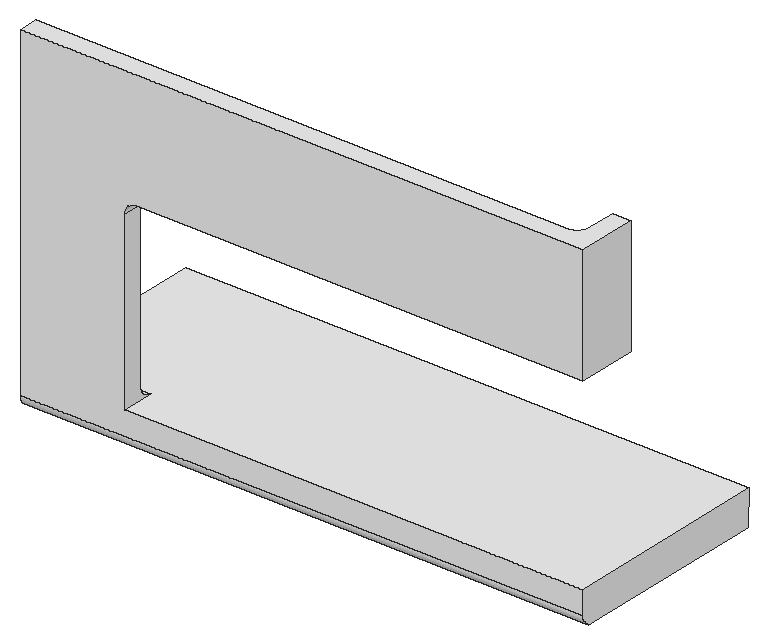
Revit family "Tissue_Holder-Delta-Vero-Toilet", category Furniture, host Face, Revit 2012
Parameters (values of type "Chrome")
  z Width = 6.000"  # constant formula
  z Type = 1
  z Offset = 0.000"  # constant formula
  z Height = 3.622"  # constant formula
  z Depth = 2.205"  # constant formula
  Width = z Width  # 6.000"
  URL = "http://www.deltafaucet.com/index.html"
  Product Page URL = "http://www.deltafaucet.com/bath/details/77750.html"
  Product Material = Chrome - Delta - Polished
  Product Documentation Link = "http://www.deltafaucet.com/media/SpecSheet/DSP-A-77750_Rev_C.pdf"
  Part Number [instance] = Model  # "77750"
  Part Description [instance] = Description  # "Vero Toilet Tissue Holder, Chrome"
  Model Disclaimer = "Contact Delta Faucet Company for More Information"  # constant formula
  Model = if(z Type = 1, "77750", if(z Type = 2, "77750-CZ", if(z Type = 3, "77750-RB", if(z Type = 4, "77750-SS", "Not Available"))))  # "77750"
  Manufacturer = "Delta Faucet Company"  # constant formula
  Height = z Depth  # 2.205"
  Family Version = "1.0"  # constant formula
  Equipment Number [instance] = ""
  Equipment Abbreviation = "TH"
  Description = if(z Type = 1, "Vero Toilet Tissue Holder, Chrome", if(z Type = 2, "Vero Toilet Tissue Holder, Champagne Bronze", if(z Type = 3, "Vero Toilet Tissue Holder, Venetian Bronze", if(z Type = 4, "Vero Toilet Tissue Holder, Stainless", "Not Available"))))  # "Vero Toilet Tissue Holder, Chrome"
  Depth = z Height  # 3.622"
  Default Elevation = 48.000"
  Date Modified = "July 17, 2015"  # constant formula
  Date Created = "July 17, 2015"  # constant formula
  Copyright = "Copyright ©2015 Delta Faucet Company"  # constant formula
Types (5): name | z Type | Product Page URL | Product Material | Part Number | Part Description | Model | Description
  (no name) | 1 | "http://www.deltafaucet.com/bath/details/77750.html" | Chrome - Delta - Polished | "77750" | "Vero Toilet Tissue Holder, Chrome" | "77750" | "Vero Toilet Tissue Holder, Chrome"
  Chrome | 1 | "http://www.deltafaucet.com/bath/details/77750.html" | Chrome - Delta - Polished | "77750" | "Vero Toilet Tissue Holder, Chrome" | "77750" | "Vero Toilet Tissue Holder, Chrome"
  Champagne Bronze | 2 | "http://www.deltafaucet.com/bath/details/77750-cz.html" | Bronze - Delta - Champagne | "77750-CZ" | "Vero Toilet Tissue Holder, Champagne Bronze" | "77750-CZ" | "Vero Toilet Tissue Holder, Champagne Bronze"
  Venetian Bronze | 3 | "http://www.deltafaucet.com/bath/details/77750-rb.html" | Bronze - Delta - Venetian | "77750-RB" | "Vero Toilet Tissue Holder, Venetian Bronze" | "77750-RB" | "Vero Toilet Tissue Holder, Venetian Bronze"
  Stainless | 4 | "http://www.deltafaucet.com/bath/details/77750-ss.html" | Stainless Steel - Delta - Polished | "77750-SS" | "Vero Toilet Tissue Holder, Stainless" | "77750-SS" | "Vero Toilet Tissue Holder, Stainless"
Reference planes (in)
  plane 1 "Center (Front/Back)": y = 0
  plane 2 "Center (Elevation)": z = 0
  plane 3 "Center (Left/Right)": x = 0
  plane 4: x = -3
  plane 5: x = 3
  plane 6: y = 1.1025
  plane 7: y = -1.1025
  plane 8: z = 0
  plane 9: z = 3.622
  plane 10: y = -0.9025
  plane 11: z = 0.37687
  plane 12: y = -0.46342
  plane 13: z = 2.372
  plane 14: y = -0.9775
  plane 15: z = 0.125
  plane 16: x = -1.88633
  plane 17: z = 2.247
  plane 18: x = -1.76133
  plane 19: x = 2.8059
  plane 20: x = 2.6809
  plane 21: y = -0.7775
Forms (in)
  Extrusion 1, solid, material "Chrome - Delta - Polished" <- "Product Material"
    sketch origin (0, 0, 0) x (0, 1, 0) y (0, 0, 1)
      loop
        arc (-1.1025, 0.125) -> (-1.06589, 0.03661) -> (-0.9775, 0) r 0.125
        line (-0.9775, 0) -> (1.1025, 0) -> (1.1025, 0.37687) -> (-0.7525, 0.37687)
        arc (-0.7525, 0.37687) -> (-0.85857, 0.4208) -> (-0.9025, 0.52687) r 0.15
        line (-0.9025, 0.52687) -> (-0.9025, 3.622) -> (-1.1025, 3.622) -> (-1.1025, 0.125)
    from -3 to 3
  Extrusion 2, void, detail levels medium
    sketch origin (0, 0, 0) x (1, 0, 0) y (0, 0, 1)
      loop
        arc (-1.76133, 2.372) -> (-1.84972, 2.33539) -> (-1.88633, 2.247) r 0.125
        line (-1.88633, 2.247) -> (-1.88633, 0.37687) -> (3, 0.37687) -> (3, 2.372) -> (-1.76133, 2.372)
    from -1.1025 to 1.1025
  Extrusion 3, solid, material "Chrome - Delta - Polished" <- "Product Material"
    sketch origin (0, 0, 0) x (1, 0, 0) y (0, 1, 0)
      loop
        line (3, -0.46342) -> (2.8059, -0.46342) -> (2.8059, -0.7775)
        arc (2.8059, -0.7775) -> (2.76928, -0.86589) -> (2.6809, -0.9025) r 0.125
        line (2.6809, -0.9025) -> (3, -0.9025) -> (3, -0.46342)
    from 2.372 to 3.622
Cuts and joins
  Extrusion 2 cuts Extrusion 1
  joined: Extrusion 1, Extrusion 3
Lines and regions (in)
  Masking region 1, detail levels coarse+medium
    outline origin (0, 0, 0) x (1, 0, 0) y (0, 0, 1)
      loop
        line (-3, 3.622) -> (-3, 0) -> (3, 0) -> (3, 3.622) -> (-3, 3.622)
  Masking region 2, detail levels fine
    outline origin (0, 0, 0) x (1, 0, 0) y (0, 0, 1)
      loop
        line (-3, 3.622) -> (-3, 0) -> (3, 0) -> (3, 0.37687) -> (-1.88633, 0.37687) -> (-1.88633, 2.372) -> (3, 2.372) -> (3, 3.622) -> (-3, 3.622)
  symbolic lines, detail levels fine
    curve 1: line (2.8059, 0, 3.622) -> (2.8059, 0, 2.372)
    curve 2: line (-3, 0, 0.37687) -> (-1.88633, 0, 0.37687)
Dimensions and locks (in)
  equal spacing: plane 4, plane 3 "Center (Left/Right)", plane 5
  "z Width": plane 4 to plane 5
  equal spacing: plane 7, plane 1 "Center (Front/Back)", plane 6
  "z Depth": plane 7 to plane 6
  "z Height": plane 9 to plane 8
  "z Offset": plane 8 to plane 2 "Center (Elevation)"
  locked: plane 10 to Extrusion 1 sketch curve at 0.15
  locked: Extrusion 1 sketch curve to plane 11 at 0.15
  plane 7 to plane 14 to plane 10 to plane 21 to plane 12 = 0.125" locked, 0.075" locked, 0.125" locked, 0.31408" locked
  plane 4 to plane 16 to plane 18 = 1.11367" locked, 0.125" locked
  plane 20 to plane 19 to plane 5 = 0.125" locked, 0.1941" locked
  plane 11 to plane 15 to plane 8 = 0.25187" locked, 0.125" locked
  plane 9 to plane 13 to plane 17 = 1.250" locked, 0.125" locked
  aligned and locked: plane 2 "Center (Elevation)" to host face
  aligned and locked: level to host face
  aligned and locked: plane 8 to Extrusion 1 sketch curve
  aligned and locked: plane 6 to Extrusion 1 sketch curve
  aligned and locked: Extrusion 1 sketch curve to plane 11
  aligned and locked: plane 10 to Extrusion 1 sketch curve
  aligned and locked: Extrusion 1 sketch curve to plane 9
  aligned and locked: Extrusion 1 sketch curve to plane 7
  aligned and locked: plane 15 to Extrusion 1 sketch curve
  aligned and locked: plane 14 to Extrusion 1 sketch curve
  aligned and locked: Extrusion 1 to plane 4
  aligned and locked: plane 5 to Extrusion 1
  aligned and locked: Extrusion 2 sketch curve to plane 5
  aligned and locked: Extrusion 2 sketch curve to plane 13
  aligned and locked: plane 16 to Extrusion 2 sketch curve
  aligned and locked: plane 11 to Extrusion 2 sketch curve
  aligned and locked: plane 17 to Extrusion 2 sketch curve
  aligned and locked: plane 18 to Extrusion 2 sketch curve
  aligned and locked: Extrusion 2 to plane 6
  aligned and locked: plane 7 to Extrusion 2
  aligned and locked: plane 20 to Extrusion 3 sketch curve
  aligned and locked: plane 21 to Extrusion 3 sketch curve
  aligned and locked: Extrusion 3 sketch curve to plane 12
  aligned and locked: Extrusion 3 sketch curve to plane 19
  aligned and locked: Extrusion 3 sketch curve to plane 10
  aligned and locked: plane 9 to Extrusion 3
  aligned and locked: Extrusion 3 to plane 13
  aligned and locked: plane 4 to Masking region 1 sketch curve
  aligned and locked: Masking region 1 sketch curve to plane 9
  aligned and locked: Masking region 1 sketch curve to plane 5
  aligned and locked: plane 8 to Masking region 1 sketch curve
  aligned and locked: Masking region 2 sketch curve to plane 9
  aligned and locked: plane 4 to Masking region 2 sketch curve
  aligned and locked: plane 8 to Masking region 2 sketch curve
  aligned and locked: Masking region 2 sketch curve to plane 5  (x2)
  aligned and locked: Masking region 2 sketch curve to plane 11
  aligned and locked: Masking region 2 sketch curve to plane 16
  aligned and locked: plane 13 to Masking region 2 sketch curve
  aligned and locked: plane 13 to curve 1
  aligned and locked: plane 9 to curve 1
  aligned and locked: curve 1 to plane 19
  aligned and locked: plane 16 to curve 2
  aligned and locked: plane 4 to curve 2
  aligned and locked: curve 2 to plane 11
Automatic sketch dimensions
  host sketch curve to host sketch curve = 1.21168"
  host sketch curve to host sketch curve = 1.49321"
  Extrusion 3 sketch curve to plane 5 = 0.000"
